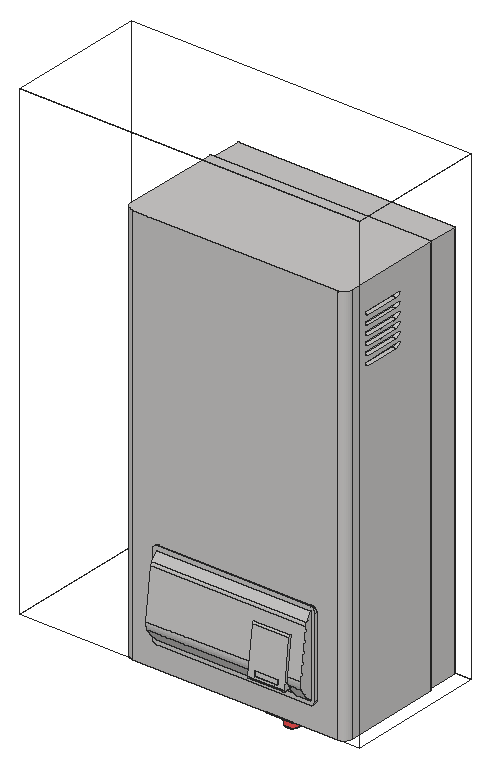
Revit family "Specialty Equipment_Boiling Unit_Zip_On-Wall_Hydroboil", category Specialty Equipment, Revit 2015 (continued)
Definition of nested family "Specialty Equipment_Boiling Unit_Zip_On-Wall_Hydroboil_Water Tap"
  Automatic sketch dimensions
    plane 8 "Front" to Masking region 5 sketch curve = 7.038 mm
    Masking region 5 sketch curve to plane 6 "Bottom" = 6.064 mm  (x2)
    Masking region 5 sketch curve to Masking region 5 sketch curve = 4.981 mm  (x2)
    plane 7 "Bottom of Filter" to Masking region 5 sketch curve = 1.826 mm  (x2)
    Masking region 5 sketch curve to plane 14 "Tap Centerline" = 10.089 mm
    Masking region 5 sketch curve to Masking region 5 sketch curve = 1.992 mm  (x2)
    Masking region 5 sketch curve to Masking region 5 sketch curve = 0.917 mm
    plane 14 "Tap Centerline" to Masking region 5 sketch curve = 8.097 mm
    plane 14 "Tap Centerline" to Masking region 5 sketch curve = 11.148 mm
    Masking region 5 sketch curve to Masking region 5 sketch curve = 13.648 mm
    Masking region 5 sketch curve to Masking region 5 sketch curve = 0.436 mm
    Masking region 6 sketch curve to plane 12 = 0 mm
    plane 14 "Tap Centerline" to Masking region 6 sketch curve = 17.672 mm
    Masking region 6 sketch curve to plane 8 "Front" = 2.34 mm
    Masking region 6 sketch curve to Masking region 6 sketch curve = 8.192 mm
    Masking region 6 sketch curve to Masking region 6 sketch curve = 1.723 mm
    plane 12 to Masking region 6 sketch curve = 11.245 mm
    Masking region 6 sketch curve to Masking region 6 sketch curve = 0.731 mm
    Masking region 6 sketch curve to Masking region 6 sketch curve = 9.961 mm
    Masking region 6 sketch curve to Masking region 6 sketch curve = 3.128 mm
    plane 12 to Masking region 6 sketch curve = 1.548 mm
    Masking region 6 sketch curve to plane 12 = 0.434 mm
    Masking region 6 sketch curve to Masking region 6 sketch curve = 13.908 mm
    Masking region 6 sketch curve to Masking region 6 sketch curve = 1.266 mm
    Masking region 6 sketch curve to Masking region 6 sketch curve = 0.413 mm
    Masking region 6 sketch curve to Masking region 6 sketch curve = 15.617 mm
    Masking region 6 sketch curve to Masking region 6 sketch curve = 1.308 mm
    Masking region 6 sketch curve to plane 13 "Control Panel Height2" = 10.806 mm
    Masking region 6 sketch curve to Masking region 6 sketch curve = 28.162 mm
    plane 3 "Control Panel Height1" to Masking region 6 sketch curve = 28.897 mm
    Masking region 6 sketch curve to plane 8 "Front" = 2.5 mm
    Masking region 3 sketch curve to Masking region 3 sketch curve = 2.5 mm
Types (6, lengths in mm): name | Type Comments | Model | Manufacturer_URL__Product Specific | Manufacturer_Spec Code | Manufacturer_Overall Width | Manufacturer_Overall Height | Manufacturer_Overall Depth | Body Material | Description
  7.5 Litre White | "7.5 Litre White" | "Hydroboil - 7.5 Litre White" | "https://www.zipwater.com/shop/on-wall-boiling/hydroboil-7-5-litre-white-307062" | "307062" | 318 | 578 | 201 | z_Zip_White | "Wall mounted instant boiling water appliance with integrates 0.2 micron MicroPurity™ filtration. The Hydroboil® employs twin chamber boiling water steam-heat-boost™ technology to recycle energy from steam to pre-heat the incoming cold water. The Hydroboil® has inbuilt self-calibration technology, utilises highly accurate electronic temperature control, G4 energy management and recovery technology and incorporates a programmable digital touch-screen display with 3 energy saving modes. The main boiling water tank is constructed from the highest quality 444 grade Stainless Steel and wrapped with high performance insulation to ensure the healthiest water and optimum efficiency. The Hydroboil® is equipped with a two-way cool-touch safety tap."
  7.5 Litre Stainless Steel | "7.5 Litre Stainless Steel" | "Hydroboil - 7.5 Litre Stainless Steel" | "https://www.zipwater.com/shop/on-wall-boiling/hydroboil-7-5-litre-stainless-steel-307061" | "307061" | 318 | 578 | 201 | z_Zip_Stainless Steel | "Wall mounted instant boiling water appliance with integrates 0.2 micron MicroPurity™ filtration. The Hydroboil® employs twin chamber boiling water steam-heat-boost™ technology to recycle energy from steam to pre-heat the incoming cold water. The Hydroboil® has inbuilt self-calibration technology, utilises highly accurate electronic temperature control, G4 energy management and recovery technology and incorporates a programmable digital touch-screen display with 3 energy saving modes. The main boiling water tank is constructed from the highest quality 444 grade Stainless Steel and wrapped with high performance insulation to ensure the healthiest water and optimum efficiency. The Hydroboil® is equipped with a two-way cool-touch safety tap. *Stainless Steel products are made to order (MTO) please see our Terms of Business page for details on MTO products"
  5 Litre White | "5 Litre White" | "Hydroboil - 5 Litre White" | "https://www.zipwater.com/shop/on-wall-boiling/hydroboil-5-litre-white-305062" | "305062" | 318 | 461 | 201 | z_Zip_White | "Wall mounted instant boiling water appliance with integrates 0.2 micron MicroPurity™ filtration. The Hydroboil® employs twin chamber boiling water steam-heat-boost™ technology to recycle energy from steam to pre-heat the incoming cold water. The Hydroboil® has inbuilt self-calibration technology, utilises highly accurate electronic temperature control, G4 energy management and recovery technology and incorporates a programmable digital touch-screen display with 3 energy saving modes. The main boiling water tank is constructed from the highest quality 444 grade Stainless Steel and wrapped with high performance insulation to ensure the healthiest water and optimum efficiency. The Hydroboil® is equipped with a two-way cool-touch safety tap."
  5 Litre Stainless Steel | "5 Litre Stainless Steel" | "Hydroboil - 5 Litre Stainless Steel" | "https://www.zipwater.com/shop/on-wall-boiling/hydroboil-5-litre-stainless-steel-305061" | "305061" | 318 | 461 | 201 | z_Zip_Stainless Steel | "Wall mounted instant boiling water appliance with integrates 0.2 micron MicroPurity™ filtration. The Hydroboil® employs twin chamber boiling water steam-heat-boost™ technology to recycle energy from steam to pre-heat the incoming cold water. The Hydroboil® has inbuilt self-calibration technology, utilises highly accurate electronic temperature control, G4 energy management and recovery technology and incorporates a programmable digital touch-screen display with 3 energy saving modes. The main boiling water tank is constructed from the highest quality 444 grade Stainless Steel and wrapped with high performance insulation to ensure the healthiest water and optimum efficiency. The Hydroboil® is equipped with a two-way cool-touch safety tap. *Stainless Steel products are made to order (MTO) please see our Terms of Business page for details on MTO products"
  3 Litre White | "3 Litre White" | "Hydroboil - 3 Litre White" | "https://www.zipwater.com/shop/on-wall-boiling/hydroboil-3-litre-white-303062" | "303062" | 289 | 431 | 183 | z_Zip_White | "Wall mounted instant boiling water appliance with integrates 0.2 micron MicroPurity™ filtration. The Hydroboil® employs twin chamber boiling water steam-heat-boost™ technology to recycle energy from steam to pre-heat the incoming cold water. The Hydroboil® has inbuilt self-calibration technology, utilises highly accurate electronic temperature control, G4 energy management and recovery technology and incorporates a programmable digital touch-screen display with 3 energy saving modes. The main boiling water tank is constructed from the highest quality 444 grade Stainless Steel and wrapped with high performance insulation to ensure the healthiest water and optimum efficiency. The Hydroboil® is equipped with a two-way cool-touch safety tap."
  3 Litre Stainless Steel | "3 Litre Stainless Steel" | "Hydroboil - 3 Litre Stainless Steel" | "https://www.zipwater.com/shop/on-wall-boiling/hydroboil-3-litre-stainless-steel-303061" | "303061" | 289 | 431 | 183 | z_Zip_Stainless Steel | "Wall mounted instant boiling water appliance with integrates 0.2 micron MicroPurity™ filtration. The Hydroboil® employs twin chamber boiling water steam-heat-boost™ technology to recycle energy from steam to pre-heat the incoming cold water. The Hydroboil® has inbuilt self-calibration technology, utilises highly accurate electronic temperature control, G4 energy management and recovery technology and incorporates a programmable digital touch-screen display with 3 energy saving modes. The main boiling water tank is constructed from the highest quality 444 grade Stainless Steel and wrapped with high performance insulation to ensure the healthiest water and optimum efficiency. The Hydroboil® is equipped with a two-way cool-touch safety tap. *Stainless Steel products are made to order (MTO) please see our Terms of Business page for details on MTO products"
